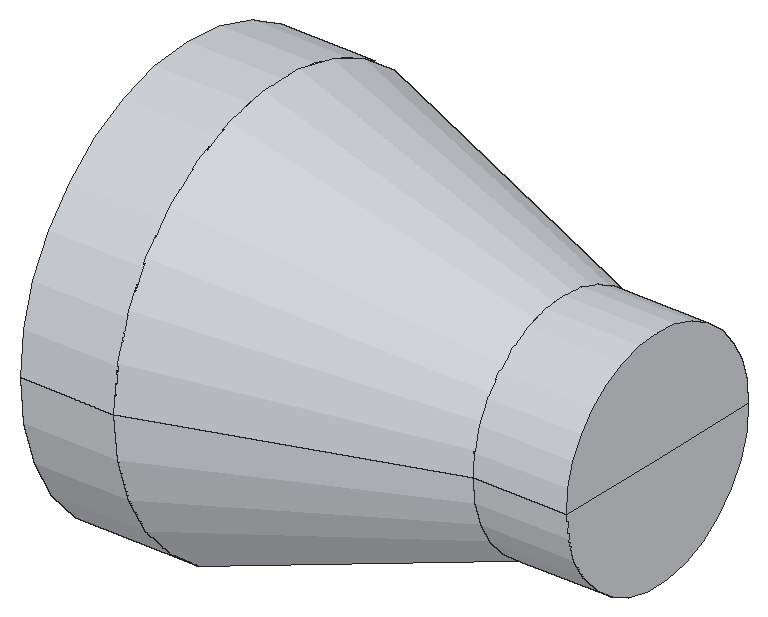
Revit family "b1fa93cbbd4b44bf80816717561fb58e", category Pipe Fittings, Revit 2021
Family settings
  Round Connector Dimension = Use Radius
  Part Type = Transition
  OmniClass Number = 23.60.30.11.14
  OmniClass Title = Pipework Fittings
  Work Plane-Based = No
  Always vertical = Yes
  Cut with Voids When Loaded = No
  Shared = No
Parameters (values of type "Standard")
  Visibility 2 [instance] = Nominal Diameter 2 > Nominal Diameter 1  # no
  Visibility 1 [instance] = Nominal Diameter 1 > Nominal Diameter 2  # yes
  URL = ""
  Type Comments = ""
  Tick Size 2 [instance] = if(Nominal Diameter 1 > Nominal Diameter 2, Min Tick Size 12, Max Tick Size 12)  # 6.9600"
  Tick Size 1 [instance] = if(Nominal Diameter 1 > Nominal Diameter 2, Max Tick Size 12, Min Tick Size 12)  # 12.8000"
  Min Tick Size 12 [instance] = Min Fitting Outside Diameter 12 * 0.4  # 6.9600"
  Max Tick Size 12 [instance] = Max Fitting Outside Diameter 12 * 0.4  # 12.8000"
  Nominal Radius 2 [instance] = 8.0000"
  Nominal Radius 1 [instance] = 15.0000"
  Nominal Diameter 2 [instance] = Nominal Radius 2 * 2  # 16.0000"
  Nominal Diameter 1 [instance] = Nominal Radius 1 * 2  # 30.0000"
  Min Nominal Diameter 12 [instance] = if(Nominal Diameter 1 > Nominal Diameter 2, Nominal Diameter 2, Nominal Diameter 1)  # 16.0000"
  Max Nominal Diameter 12 [instance] = if(Nominal Diameter 1 > Nominal Diameter 2, Nominal Diameter 1, Nominal Diameter 2)  # 30.0000"
  Manufacturer = ""
  Loss Method = K Coefficient from Table
  Lookup Table Name = "Reducer Compact - PE - DI - Class 250"
  Length 1 [instance] = Length / 5  # 7.1860"
  Length [instance] = size_lookup(Lookup Table Name, "Lgt", 5.5000" + 0.95 * Max Nominal Diameter 12 - 0.98 * Min Nominal Diameter 12, Max Nominal Diameter 12, Min Nominal Diameter 12)  # 35.9300"
  K Coefficient Table = "Reducer/Coupling/Union/Increaser"
  Fitting Outside Radius 2 [instance] = Fitting Outside Diameter 2 / 2  # 8.7000"
  Fitting Outside Radius 1 [instance] = Fitting Outside Diameter 1 / 2  # 16.0000"
  Min Fitting Outside Diameter 12 [instance] = size_lookup(Lookup Table Name, "FOD", 1.04 * Min Nominal Diameter 12 + 0.7000", Min Nominal Diameter 12)  # 17.4000"
  Max Fitting Outside Diameter 12 [instance] = size_lookup(Lookup Table Name, "FOD", 1.04 * Max Nominal Diameter 12 + 0.7000", Max Nominal Diameter 12)  # 32.0000"
  built-in parameter 1114238 [instance] = (empty or 0)
  Fitting Outside Diameter 2 [instance] = if(Nominal Diameter 1 > Nominal Diameter 2, Min Fitting Outside Diameter 12, Max Fitting Outside Diameter 12)  # 17.4000"
  Fitting Outside Diameter 1 [instance] = if(Nominal Diameter 1 > Nominal Diameter 2, Max Fitting Outside Diameter 12, Min Fitting Outside Diameter 12)  # 32.0000"
  Description = ""
  Default Elevation = 0.0000"
  Assembly Code = ""
Reference planes (in)
  plane 1 "Center (Front/Back)": y = 0
  plane 2: z = 0
  plane 3 "Center (Left/Right)": x = 0
  plane 4 "Right": x = 35.93
  plane 5 "TK1 Top": y = 12.8
  plane 6 "TK1 Bottom": y = -12.8
  plane 7 "TK2 Top": y = 6.96
  plane 8 "TK2 Bottom": y = -6.96
  plane 9: y = 16
  plane 10: y = 8.7
  plane 11: x = 7.186
  plane 12: x = 28.744
Forms (in)
  Extrusion 1, solid, not visible
    sketch origin (0, 0, 0) x (0, 1, 0) y (0, 0, 1)
      loop
        circle (0, 0) r 1
    from 0 to 35.93
  Revolve 2, solid, detail levels fine
    sketch origin (0, 0, 0) x (1, 0, 0) y (0, 1, 0)
      loop
        line (0, 0) -> (35.93, 0) -> (35.93, 8.7) -> (28.744, 8.7) -> (7.186, 16) -> (0, 16) -> (0, 0)
      axis (0, 0) -> (35.93, 0)
    angle from 0 to 360
Lines and regions (in)
  model lines, detail levels coarse+medium
    curve 1: line (0, 0, 0) -> (0, 12.8, 0)
    curve 2: line (0, -12.8, 0) -> (0, 0, 0)
    curve 3: line (35.93, 0, 0) -> (35.93, 6.96, 0)
    curve 4: line (35.93, 0, 0) -> (35.93, -6.96, 0)
  model lines, style "PipeFitting", visible <- "Visibility 1", detail levels coarse+medium
    curve 5: line (0, 12.8, 0) -> (35.93, 0, 0)
    curve 6: line (0, -12.8, 0) -> (35.93, 0, 0)
  model lines, style "PipeFitting", visible <- "Visibility 2", detail levels coarse+medium
    curve 7: line (35.93, 6.96, 0) -> (0, 0, 0)
    curve 8: line (0, 0, 0) -> (35.93, -6.96, 0)
Dimensions and locks (in)
  "Tick Size 1": plane 5 "TK1 Top" to plane 1 "Center (Front/Back)"
  "Tick Size 1": plane 6 "TK1 Bottom" to plane 1 "Center (Front/Back)"
  "Tick Size 2": plane 7 "TK2 Top" to plane 1 "Center (Front/Back)"
  "Tick Size 2": plane 8 "TK2 Bottom" to plane 1 "Center (Front/Back)"
  "Fitting Outside Radius 1": plane 9 to plane 1 "Center (Front/Back)"
  "Length": plane 3 "Center (Left/Right)" to plane 4 "Right"
  "Fitting Outside Radius 2": plane 10 to plane 1 "Center (Front/Back)"
  "Length 1": plane 3 "Center (Left/Right)" to plane 11
  "Length 1": plane 12 to plane 4 "Right"
  radius of Extrusion 1 sketch curve = 1.0000"
  aligned and locked: plane 2 to level
  aligned and locked: plane 2 to Extrusion 1 sketch curve
  aligned and locked: plane 1 "Center (Front/Back)" to Extrusion 1 sketch curve
  aligned and locked: Extrusion 1 to plane 3 "Center (Left/Right)"
  aligned and locked: plane 4 "Right" to Extrusion 1
  aligned and locked: plane 1 "Center (Front/Back)" to curve 2
  aligned and locked: plane 3 "Center (Left/Right)" to curve 1
  aligned and locked: plane 3 "Center (Left/Right)" to curve 2
  aligned and locked: plane 5 "TK1 Top" to curve 1
  aligned and locked: plane 6 "TK1 Bottom" to curve 2
  aligned and locked: curve 3 to plane 7 "TK2 Top"
  aligned and locked: curve 4 to plane 4 "Right"
  aligned and locked: plane 1 "Center (Front/Back)" to Revolve 2 sketch curve
  aligned and locked: plane 3 "Center (Left/Right)" to Revolve 2 sketch curve
  aligned and locked: plane 4 "Right" to Revolve 2 sketch curve
  aligned and locked: Revolve 2 sketch curve to Revolve 2 sketch curve
  aligned and locked: plane 10 to Revolve 2 sketch curve
  aligned and locked: Revolve 2 sketch curve to plane 9
  aligned and locked: plane 12 to Revolve 2 sketch curve
Automatic sketch dimensions
  plane 8 "TK2 Bottom" to curve 8 = 0.0000"
  plane 1 "Center (Front/Back)" to curve 4 = 0.0000"
  Revolve 2 sketch curve to plane 11 = 0.0000"
  Revolve 2 sketch curve to plane 3 "Center (Left/Right)" = 9.7500"
  Revolve 2 sketch curve to Revolve 2 sketch curve = 7.2500"
Connectors (in)
  piping at (0, 0, 0), diameter 30, driven by "Nominal Radius 1"
    settings: on Extrusion 1, index 1, connector inside diameter 30.0000", connector length 0.0000", flow factor 0, pipe flow 0 GPM, pressure drop 0.00 psi, fitting loss kfactor 0, connector angle 0.00°, fixture units 0, engagement length 0.0000", angle of deflection 0.00°, flow configuration 0, flow direction 0, fitting loss method 0, system type 28, joint type 0, gender type 0, connector reference index 2, connector utility 0, adjustable connector no, is connector primary yes, connector description ""
  piping at (35.93, 0, 0), diameter 16, driven by "Nominal Radius 2"
    settings: on Extrusion 1, index 2, connector inside diameter 16.0000", connector length 0.0000", flow factor 0, pipe flow 0 GPM, pressure drop 0.00 psi, fitting loss kfactor 0, connector angle 0.00°, fixture units 0, engagement length 0.0000", angle of deflection 0.00°, flow configuration 0, flow direction 0, fitting loss method 0, system type 28, joint type 0, gender type 0, connector reference index 1, connector utility 0, adjustable connector no, is connector primary no, connector description ""
